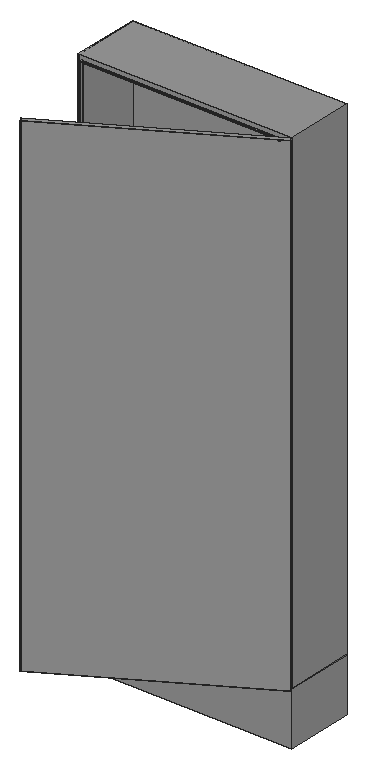
Revit family "Hager-Univers-IP55-D275-H2050-Cl.II-Steel_encl-NoHosted-CH-it", category Electrical Equipment, Revit 2020
Family settings
  Panel Configuration = Two Columns, Circuits Across
  Round Connector Dimension = Use Diameter
  Part Type = Panelboard
  Work Plane-Based = Yes
  Always vertical = Yes
  Cut with Voids When Loaded = No
  Shared = No
  Room Calculation Point = No
Parameters (values of type "montaggio a pavimento IP55 L800 A2050 P275  - FR23S2")
  Width Control [instance] = if([EF000008 - Larghezza] > Min Width, [EF000008 - Larghezza], Min Width)  # 800 mm
  Type Comments = [HG000003 - Gamma]  # "Univers"
  Thickness Door [instance] = if([EF009171 - spessore materiale porta/coperchio] > 3 mm, 3 mm, [EF009171 - spessore materiale porta/coperchio])  # 1.5 mm
  Seal Frame Offset [instance] = 17 mm  # constant formula
  Plinth Visibility [instance] = [HG000027 - Altezza dello zoccolo] > 0 mm  # yes
  Min Width [instance] = 100 mm  # constant formula
  Min Depth [instance] = (2 * [EF009170 - spessore materiale scatola]) + 1 mm  # 4 mm
  Min Height [instance] = 100 mm  # constant formula
  Internal Frame Depth [instance] = (Door System Depth * 0.5)  # 9 mm
  Panel Name [instance] = ""  # (empty or 0)
  Model = ""
  HG000027 - Altezza dello zoccolo = 200 mm
  HG000026 - A pavimento = yes
  HG000024 - Altezza della sezione inferiore = 600 mm
  HG000023 - Custodia a doppia sezione = no
  HG000016 - Visibilità delle porte nella vista 3D [instance] = yes
  HG000015 - Visibilità attraverso la porta [instance] = no
  HG000014 - Porta destra [instance] = yes
  HG000013 - Porta sinistra [instance] = not([HG000014 - Porta destra])  # no
  HG000012 - Angolo di apertura della porta [instance] = 30.00°
  HG000010 - Porte asimmetriche = no
  HG000009 - Porta doppia a battente = no
  HG000006 - Ad incasso = no
  HG000004 - Codice produttore = "FR23S2"
  HG000003 - Gamma = "Univers"
  HG000002 - Con porta = yes
  Frame Offset Bottom [instance] = 10 mm  # constant formula
  Frame Offset [instance] = 15 mm  # constant formula
  EF015940 - Coprire con rilascio di sovrapressione = no
  EF011959 - tipo di protezione (NEMA) = ""
  EF009554 - numero delle aperture per la piastra della flangia = 6
  EF009212 - esecuzione coperchio = "EV000116 - chiuso"
  EF009171 - spessore materiale porta/coperchio = 1.5 mm
  EF009170 - spessore materiale scatola = 1.5 mm
  EF008873 - corrente nominale (In) = 800 A
  EF007800 - adatto per parafulmine = no
  EF006306 - con serratura = no
  EF006244 - coperchio/porta trasparente = no
  EF005474 - grado di protezione (IP) = "EV006420 - IP55"
  EF004464 - tipo di porta = "EV002646 - singolo"
  EF004427 - numero di moduli = 432
  EF004293 - resistenza agli urti = "EV008784 - IK10"
  EF003532 - adatto per uso esterno = no
  EF002950 - Numero moduli DIN = 24
  EF001613 - Integrità del circuito = "EV000494 - senza"
  EF001596 - Attacco Lampada = "EV000179 - acciaio"
  EF001131 - profondità interna = 275 mm
  EF001088 - possibilità di applicazione = yes
  EF000437 - numero di ingressi per conduttori = 6
  EF000339 - tipo di copertura = "EV004216 - porta"
  EF000266 - numero di file = 12
  EF000218 - profondità di incasso = 0 mm
  EF000118 - con piastra di montaggio = no
  EF000116 - numero RAL = "7035"
  EF000049 - profondità = 275 mm
  EF000040 - Altezza = 2050 mm
  EF000008 - Larghezza = 800 mm
  EF000007 - colore = "EV000270 - grigio"
  EF000003 - Tipo di montaggio = "EV012274 - montaggio a pavimento"
  Door System Leaf Tolerance [instance] = 1.5 mm  # constant formula
  Door System Depth [instance] = 18 mm  # constant formula
  Door Height [instance] = Height Control - [HG000027 - Altezza dello zoccolo]  # 1850 mm
  Description = ""
  Default Elevation = 1219.2 mm
  Connector Offset [instance] = Height Control / 2  # 1025 mm
  Manufacturer = "Hager"  # constant formula
  Height Control [instance] = if([EF000040 - Altezza] > Min Height, [EF000040 - Altezza], Min Height)  # 2050 mm
  Depth Control [instance] = if([EF000049 - profondità] > Min Depth, [EF000049 - profondità], Min Depth)  # 275 mm
  Bottom Top Plate Trim [instance] = 1.5 mm  # constant formula
  Plinth height Ctrl [instance] = if([HG000027 - Altezza dello zoccolo] > 0 mm, [HG000027 - Altezza dello zoccolo], 12 mm)  # 200 mm
Types (11, lengths in mm): name | Width Control | HG000010 - Porte asimmetriche | HG000009 - Porta doppia a battente | HG000004 - Codice produttore | EF009554 - numero delle aperture per la piastra della flangia | EF006244 - coperchio/porta trasparente | EF004464 - tipo di porta | EF004427 - numero di moduli | EF000437 - numero di ingressi per conduttori | EF000008 - Larghezza
  montaggio a pavimento IP55 L1050 A2050 P275  - FR24L2 | 1050 | yes | yes | "FR24L2" | 8 | yes | "EV003602 - doppio" | 576 | 8 | 1050
  montaggio a pavimento IP55 L1050 A2050 P275  - FR24S2 | 1050 | yes | yes | "FR24S2" | 8 | no | "EV003602 - doppio" | 576 | 8 | 1050
  montaggio a pavimento IP55 L1300 A2050 P275  - FR25L2 | 1300 | yes | yes | "FR25L2" | 10 | yes | "EV003602 - doppio" | 720 | 10 | 1300
  montaggio a pavimento IP55 L1300 A2050 P275  - FR25S2 | 1300 | yes | yes | "FR25S2" | 10 | no | "EV003602 - doppio" | 720 | 10 | 1300
  montaggio a pavimento IP55 L1550 A2050 P275  - FR26L2 | 1550 | yes | yes | "FR26L2" | 12 | yes | "EV003602 - doppio" | 864 | 12 | 1550
  montaggio a pavimento IP55 L1550 A2050 P275  - FR26S2 | 1550 | yes | yes | "FR26S2" | 12 | no | "EV003602 - doppio" | 864 | 12 | 1550
  montaggio a pavimento IP55 L300 A2050 P275  - FR21S2 | 300 | no | no | "FR21S2" | 2 | no | "EV002646 - singolo" | 144 | 2 | 300
  montaggio a pavimento IP55 L550 A2050 P275  - FR22L2 | 550 | no | no | "FR22L2" | 4 | yes | "EV002646 - singolo" | 288 | 4 | 550
  montaggio a pavimento IP55 L550 A2050 P275  - FR22S2 | 550 | no | no | "FR22S2" | 4 | no | "EV002646 - singolo" | 288 | 4 | 550
  montaggio a pavimento IP55 L800 A2050 P275  - FR23L2 | 800 | no | no | "FR23L2" | 6 | yes | "EV002646 - singolo" | 432 | 6 | 800
  montaggio a pavimento IP55 L800 A2050 P275  - FR23S2 | 800 | no | no | "FR23S2" | 6 | no | "EV002646 - singolo" | 432 | 6 | 800
Reference planes
  plane 1 "Center (Front/Back)": y = 0
  plane 2: z = 0
  plane 3 "Center (Left/Right)": x = 0
  plane 4: y = 0
  plane 5: y = 0
  plane 6: z = 0
  plane 7: x = -400
  plane 8: x = 400
  plane 9: x = 398.5
  plane 10: x = -398.5
  plane 11: z = 200
  plane 12: z = 201.5
  plane 13: y = -275
  plane 14: y = -1.5
  plane 15: x = 0
  plane 16: y = -257
  plane 17: y = -273.5
  plane 18: y = -255.5
  plane 19: x = -383.5
  plane 20: x = 383.5
  plane 21: z = 211.5
  plane 22: x = -383
  plane 23: x = 383
  plane 24: z = 200
  plane 25: z = 2050
  plane 26: z = 2050
  plane 27: z = 2033.5
  plane 28: z = 2048.5
Forms (mm)
  Extrusion 1, solid, material "Hager_Steel_RAL7035_Light_Grey", detail levels medium+fine
    sketch origin (-208.679, -4572, 200) x (-1, 0, 0) y (0, -1, 0)
      loop
        line (191.321, -4315) -> (-608.679, -4315) -> (-608.679, -4572) -> (191.321, -4572) -> (191.321, -4315)
    from 0 to 1850
  Extrusion 2, void
    sketch origin (-350.771, -275, 1219.2) x (1, 0, 0) y (0, 0, 1)
      loop
        line (-47.729, 829.3) -> (-47.729, -1017.7) -> (749.271, -1017.7) -> (749.271, 829.3) -> (-47.729, 829.3)
    from -19.5 to -273.5
  Extrusion 3, void
    sketch origin (-290.084, -257, 1219.2) x (1, 0, 0) y (0, 0, 1)
      loop
        line (-93.416, -1007.7) -> (673.584, -1007.7) -> (673.584, 814.3) -> (-93.416, 814.3) -> (-93.416, -1007.7)
    from 0 to -1.5
  Extrusion 4, solid, material "Hager_Steel_RAL7035_Light_Grey", visible <- "Plinth Visibility", detail levels medium+fine
    sketch origin (0, 0, 0) x (1, 0, 0) y (0, 1, 0)
      loop
        line (-400, 0) -> (-400, -257) -> (400, -257) -> (400, 0) -> (-400, 0)
    from 0 to 200 <- "Plinth height Ctrl"
  Extrusion 5, solid, material "Hager_Steel_RAL7035_Light_Grey", detail levels coarse
    sketch origin (0, 0, 0) x (1, 0, 0) y (0, 1, 0)
      loop
        line (-400, 0) -> (-400, -275) -> (400, -275) -> (400, 0) -> (-400, 0)
    from 0 to 2050 <- "Height Control"
  Sweep 6, void
    path in 3D
      loop
        line (-400, -257, 200) -> (400, -257, 200) -> (400, 0, 200) -> (-400, 0, 200) -> (-400, -257, 200)
    profile origin (-400, -128.5, 200) x (1, 0, 0) y (0, 0, 1)
      loop
        line (0, 0) -> (0, -1.5) -> (1.5, -1.5)
        arc (1.5, -1.5) -> (1.061, -0.439) -> (0, 0) r 1.5
  Extrusion 7, solid, material "Hager_Steel_RAL7035_Light_Grey", detail levels fine
    sketch origin (-400, -257, 200) x (1, 0, 0) y (0, 0, 1)
      loop
        line (16.5, 11.5) -> (783.5, 11.5) -> (783.5, 1833.5) -> (16.5, 1833.5) -> (16.5, 11.5)
      loop
        line (15, 10) -> (785, 10) -> (785, 1835) -> (15, 1835) -> (15, 10)
    from 0 to 9 <- "Internal Frame Depth"
Cuts and joins
  Extrusion 2, Extrusion 3 cuts Extrusion 1
  Sweep 6 cuts Extrusion 4
Lines and regions (mm)
  Masking region 1
    outline origin (0, 0, 0) x (1, 0, 0) y (0, 1, 0)
      loop
        line (-400, 0) -> (-400, -275) -> (400, -275) -> (400, 0) -> (-400, 0)
  Masking region 2, detail levels coarse
    outline origin (-290.084, -257, 1219.2) x (-1, 0, 0) y (0, 0, 1)
      loop
        line (-690.084, -1219.2) -> (109.916, -1219.2) -> (109.916, 830.8) -> (-690.084, 830.8) -> (-690.084, -1219.2)
  Masking region 3, detail levels coarse
    outline origin (0, 0, 0) x (0, 1, 0) y (0, 0, 1)
      loop
        line (0, 0) -> (0, 2050) -> (-275, 2050) -> (-275, 0) -> (0, 0)
  Masking region 4, visible <- "Plinth Visibility", detail levels medium+fine
    outline origin (0, 0, 0) x (0, 1, 0) y (0, 0, 1)
      loop
        line (-1.5, 200) -> (-255.5, 200)
        arc (-255.5, 200) -> (-255.939, 198.939) -> (-257, 198.5) r 1.5
        line (-257, 198.5) -> (-257, 0) -> (0, 0) -> (0, 198.5)
        arc (0, 198.5) -> (-1.061, 198.939) -> (-1.5, 200) r 1.5
  Masking region 5, detail levels medium+fine
    outline origin (0, 0, 594.038) x (0, 1, 0) y (0, 0, 1)
      loop
        line (0, -394.038) -> (0, 1455.962) -> (-257, 1455.962) -> (-257, -394.038) -> (0, -394.038)
  Masking region 6, detail levels medium+fine
    outline origin (-359.7, -257, 1211.883) x (-1, 0, 0) y (0, 0, 1)
      loop
        line (-759.7, -1011.883) -> (40.3, -1011.883) -> (40.3, 838.117) -> (-759.7, 838.117) -> (-759.7, -1011.883)
  Masking region 7, visible <- "Plinth Visibility", detail levels medium+fine
    outline origin (-320.334, -257, 1041.368) x (-1, 0, 0) y (0, 0, 1)
      loop
        line (-720.334, -1041.368) -> (79.666, -1041.368) -> (79.666, -842.868)
        arc (79.666, -842.868) -> (78.606, -842.429) -> (78.166, -841.368) r 1.5
        line (78.166, -841.368) -> (-718.834, -841.368)
        arc (-718.834, -841.368) -> (-719.273, -842.429) -> (-720.334, -842.868) r 1.5
        line (-720.334, -842.868) -> (-720.334, -1041.368)
  sketch lines
    curve 1: line (-400, 0, 200) -> (-400, -257, 200)
    curve 2: line (-400, -257, 200) -> (400, -257, 200)
    curve 3: line (400, 0, 200) -> (-400, 0, 200)
    curve 4: line (400, -257, 200) -> (400, 0, 200)
Dimensions and locks
  locked: plane 1 "Center (Front/Back)" to plane 5
  "EF009170 - spessore materiale scatola": plane 7 to plane 10
  "EF009170 - spessore materiale scatola": plane 8 to plane 9
  equal spacing: plane 7, plane 3 "Center (Left/Right)", plane 8
  "Width Control": plane 7 to plane 8
  "Depth Control": plane 4 to plane 13
  "EF009170 - spessore materiale scatola": plane 4 to plane 14
  "Height Control": plane 25 to level
  "HG000027 - Altezza dello zoccolo": plane 11 to level
  "EF009170 - spessore materiale scatola": plane 12 to plane 11
  "EF009170 - spessore materiale scatola": plane 17 to plane 13
  "EF009170 - spessore materiale scatola": plane 18 to plane 16
  "Frame Offset Bottom": plane 21 to plane 12
  "Frame Offset": plane 10 to plane 19
  "Frame Offset": plane 9 to plane 20
  "Door System Depth": plane 16 to plane 13
  "Seal Frame Offset": plane 7 to plane 22
  "Seal Frame Offset": plane 8 to plane 23
  "EF009170 - spessore materiale scatola": plane 26 to plane 28
  "Frame Offset": plane 28 to plane 27
  "Connector Offset": plane 2 to connector elem
  "Bottom Top Plate Trim": profile plane to Sweep 6 sketch curve
  "Bottom Top Plate Trim": Sweep 6 sketch curve to Sweep 6 sketch curve
  "Plinth height Ctrl": Masking region 4 sketch curve to level
  "Plinth height Ctrl": Masking region 7 sketch curve to level
  "Thickness Door": Extrusion 7 sketch curve to Extrusion 7 sketch curve  (x4)
  "Bottom Top Plate Trim": radius of Sweep 6 sketch curve
  "Bottom Top Plate Trim": radius of Masking region 4 sketch curve  (x2)
  "Bottom Top Plate Trim": radius of Masking region 7 sketch curve  (x2)
  aligned and locked: Extrusion 2 sketch curve to plane 12
  aligned and locked: Extrusion 2 sketch curve to plane 9
  aligned and locked: Extrusion 2 sketch curve to plane 10
  aligned and locked: Extrusion 2 to plane 14
  aligned and locked: Extrusion 1 sketch curve to plane 4
  aligned and locked: plane 8 to Extrusion 1 sketch curve
  aligned and locked: plane 7 to Extrusion 1 sketch curve
  aligned and locked: Extrusion 2 to plane 18
  aligned and locked: Extrusion 3 sketch curve to plane 19
  aligned and locked: plane 20 to Extrusion 3 sketch curve
  aligned and locked: Extrusion 3 to Extrusion 2
  aligned and locked: Extrusion 3 sketch curve to plane 21
  aligned and locked: plane 3 "Center (Left/Right)" to nested 1
  aligned and locked: Extrusion 1 sketch curve to plane 16
  aligned and locked: Extrusion 4 sketch curve to cut or joined group of Extrusion 1, Extrusion 2, Extrusion 3
  aligned and locked: Masking region 1 sketch curve to plane 7
  aligned and locked: Masking region 1 sketch curve to plane 5
  aligned and locked: Masking region 1 sketch curve to plane 8
  aligned and locked: Masking region 2 sketch curve to level
  aligned and locked: level to Masking region 3 sketch curve
  aligned and locked: plane 1 "Center (Front/Back)" to Masking region 3 sketch curve
  aligned and locked: plane 13 to Masking region 3 sketch curve
  aligned and locked: plane 5 to Masking region 4 sketch curve
  aligned and locked: Masking region 2 sketch curve to plane 8
  aligned and locked: Masking region 2 sketch curve to plane 7
  aligned and locked: plane 7 to nested 2
  aligned and locked: nested 2 to plane 5
  aligned and locked: plane 5 to Masking region 5 sketch curve
  aligned and locked: plane 26 to Masking region 5 sketch curve
  aligned and locked: Extrusion 5 sketch curve to plane 8
  aligned and locked: Extrusion 5 sketch curve to plane 7
  aligned and locked: Extrusion 5 sketch curve to plane 5
  aligned and locked: Extrusion 3 sketch curve to plane 27
  aligned and locked: Extrusion 2 sketch curve to plane 28
  aligned and locked: Masking region 2 to plane 25
  aligned and locked: Extrusion 4 to plane 16
  aligned and locked: profile plane to Sweep 6 sketch curve
  aligned and locked: Masking region 5 sketch curve to plane 24
  aligned and locked: level to Masking region 4 sketch curve
  aligned and locked: Masking region 1 to plane 13
  aligned and locked: nested 1 to plane 16
  aligned and locked: Masking region 3 to plane 25
  aligned and locked: plane 16 to Masking region 4 sketch curve
  aligned and locked: Masking region 5 sketch curve to plane 16
  aligned and locked: plane 24 to plane 11
  aligned and locked: plane 26 to plane 25
  aligned and locked: plane 26 to cut or joined group of Extrusion 1, Extrusion 2, Extrusion 3
  aligned and locked: nested 1 to plane 24
  aligned and locked: Extrusion 1 to Extrusion 3
  aligned and locked: Masking region 6 sketch curve to plane 8
  aligned and locked: Masking region 6 sketch curve to plane 24
  aligned and locked: Masking region 6 sketch curve to plane 7
  aligned and locked: Masking region 6 sketch curve to plane 26
  aligned and locked: Masking region 7 sketch curve to plane 7
  aligned and locked: level to Masking region 7 sketch curve
  aligned and locked: Masking region 7 sketch curve to plane 8
  aligned and locked: Extrusion 7 sketch curve to cut or joined group of Extrusion 1, Extrusion 2, Extrusion 3  (x4)
Automatic sketch dimensions
  plane 19 to Extrusion 3 sketch curve = 0 mm
  Extrusion 3 sketch curve to plane 20 = 0 mm
  Extrusion 3 sketch curve to plane 21 = 0 mm
  Extrusion 4 sketch curve to plane 7 = 0 mm
  Extrusion 4 sketch curve to plane 8 = 0 mm
  Extrusion 4 sketch curve to plane 16 = 0 mm
  Masking region 1 sketch curve to plane 13 = 0 mm
  Masking region 2 sketch curve to plane 25 = 0 mm
  Masking region 3 sketch curve to plane 25 = 0 mm
  Extrusion 5 sketch curve to plane 13 = 0 mm
  profile plane to Sweep 6 sketch curve = 0 mm
Nested families
  nested 1: "EC000058_Univers_Door" at (0, -257, 200), Double <- "HG000009 - Porta doppia a battente", Transparent <- "EF006244 - coperchio/porta trasparente", Angle <- "HG000012 - Angolo di apertura della porta", Door_Right <- "HG000014 - Porta destra", Assymetrical <- "HG000010 - Porte asimmetriche", Door <- "HG000002 - Con porta", Width_Ctrl <- "Width Control", 3d_Door <- "HG000016 - Visibilità delle porte nella vista 3D", Clearance <- "HG000015 - Visibilità attraverso la porta", Door_Left <- "HG000013 - Porta sinistra", Width <- "Width Control", Door_Depth <- "Door System Depth", Leaf_Tolerance <- "Door System Leaf Tolerance", Height <- "Door Height", Lock_Visibility <- "EF006306 - con serratura", Thickness <- "Thickness Door", type "EC000058_Univers_Door", detail levels medium+fine
    with min_wh 4 mm, Width_Ctrl 800 mm, Width 800 mm, Transparent no, Thickness 1.5 mm, Seal_Material Hager_Rubber, Lock_Visibility no, Lock_Material Hager_Plastic_RAL9005_Jet_Black, Leaf_Width 800 mm, Leaf_Tolerance_External_Sides 0 mm, Leaf_Tolerance 1.5 mm, Leaf_Offset 0 mm, Leaf_Height 1847 mm, Leaf_2_Width 800 mm, Leaf_2_Offset 400 mm, Leaf_1_Width 800 mm, Leaf_1_Offset 400 mm, Height_Ctrl 1850 mm, Height 1850 mm, Glass_Material Hager_Glass, Double_Clearance_Ctrl no, Double no, Door_Right_Ctrl yes, Door_Right yes, Door_Material Hager_Steel_RAL7035_Light_Grey, Door_Left_Ctrl no, Door_Left no, Door_Depth 18 mm, Door yes, Clearance_Material Hager_Clearance, Clearance_Depth 800 mm, Clearance_Ctrl no, Clearance no, Assymetrical no, Angle 30.00°, 3d_Door yes
  nested 2: "Hager_Enclosure_Symbol" at (-400, 0, 0), Height <- "Depth Control", Width <- "Width Control", type "Hager_Enclosure_Symbol"
    with Width_Ctrl 800 mm, Width 800 mm, Height_Ctrl 275 mm, Height 275 mm, A_Width_Int 18.047 mm, A_Width 216.562 mm, A_Height_Ctrl 240.625 mm, A_Height 240.625 mm
Connectors
  electrical at (0, 0, 1025)
    settings: on plane 1 "Center (Front/Back)", index 1, voltage 0 V, apparent load 0 VA, apparent load phase1 0 VA, apparent load phase2 0 VA, apparent load phase3 0 VA, power factor 1, load classification "Other", number of poles 1, system type 30, power factor state 1, is connector primary yes, connector utility no, sub classification motor no, connector description ""
Definition of nested family "EC000058_Univers_Door"
  Parameters (values of type "EC000058_Univers_Door")
    min_wh [instance] = (2 * Thickness) + 1 mm  # 11 mm
    Width_Ctrl [instance] = 400 mm
    Width [instance] = 500 mm
    Transparent [instance] = yes
    Thickness [instance] = 5 mm
    Seal_Material [instance] = none
    Lock_Visibility [instance] = yes
    Lock_Material [instance] = none
    Leaf_Width [instance] = if((Width_Ctrl - 2 * Leaf_Tolerance_External_Sides) > 0 mm, (Width_Ctrl - 2 * Leaf_Tolerance_External_Sides), min_wh)  # 400 mm
    Leaf_Tolerance_External_Sides [instance] = 0 mm  # constant formula
    Leaf_Tolerance [instance] = 1.5 mm
    Leaf_Offset [instance] = 0 mm  # constant formula
    Leaf_Height [instance] = if((Height_Ctrl - 2 * Leaf_Tolerance) > 0 mm, (Height_Ctrl - 2 * Leaf_Tolerance), min_wh)  # 497 mm
    Leaf_2_Width [instance] = if(and(and(Double, Assymetrical), Door_Left), (Leaf_Width / 3) - (Leaf_Tolerance / 2), if(and(and(Double, Assymetrical), Door_Right), (Leaf_Width / 3) * 2 - (Leaf_Tolerance / 2), if(and(Double, not(Assymetrical)), (Leaf_Width / 2) - Leaf_Tolerance, Leaf_Width)))  # 400 mm
    Leaf_2_Offset [instance] = if(and(Double, Assymetrical), Leaf_2_Width / 2, if(and(Double, not(Assymetrical)), Leaf_Width / 4, Leaf_Width / 2))  # 200 mm
    Leaf_1_Width [instance] = if(and(and(Double, Assymetrical), Door_Right), (Leaf_Width / 3) - (Leaf_Tolerance / 2), if(and(and(Double, Assymetrical), Door_Left), (Width / 3) * 2 - (Leaf_Tolerance / 2), if(and(Double, not(Assymetrical)), (Leaf_Width / 2) - Leaf_Tolerance, Leaf_Width)))  # 400 mm
    Leaf_1_Offset [instance] = if(and(Double, Assymetrical), Leaf_1_Width / 2, if(and(Double, not(Assymetrical)), Leaf_Width / 4, Leaf_Width / 2))  # 200 mm
    Height_Ctrl [instance] = if(Height > min_wh, Height, min_wh)  # 500 mm
    Height [instance] = 500 mm
    Glass_Material [instance] = none
    Double_Clearance_Ctrl [instance] = and(Double, Clearance)  # no
    Double [instance] = no
    Door_Right_Ctrl [instance] = and(or(Door_Right, Double), Door)  # yes
    Door_Right [instance] = yes
    Door_Material [instance] = none
    Door_Left_Ctrl [instance] = and(or(Door_Left, Double), Door)  # no
    Door_Left [instance] = no
    Door_Depth [instance] = 30 mm
    Door [instance] = yes
    Default Elevation = 1219.2 mm
    Clearance_Material [instance] = none
    Clearance_Depth [instance] = if(Leaf_1_Width > Leaf_2_Width, Leaf_1_Width, Leaf_2_Width)  # 400 mm
    Clearance_Ctrl [instance] = and(not(Double), Clearance)  # yes
    Clearance [instance] = yes
    Assymetrical [instance] = yes
    Angle [instance] = 30.00°
    3d_Door [instance] = yes
  Reference planes
    plane 1 "Center (Front/Back)": y = 0
    plane 2 "Bottom": z = 0
    plane 3 "Center (Left/Right)": x = 0
    plane 4: z = 500
    plane 5: x = -200
    plane 6: x = 200
    plane 7: z = 500
    plane 8: x = -200
    plane 9: z = 0
    plane 10: x = 200
    plane 11: y = 0
    plane 12: z = 1.5
    plane 13: x = -600
    plane 14: y = -400
    plane 15: x = 600
    plane 16: x = 0
    plane 17: x = 0
    plane 18: x = -200
    plane 19: x = 200
    plane 20: z = 498.5
  Forms (mm)
    Extrusion 1, solid, material <- "Clearance_Material", visible <- "Double_Clearance_Ctrl"
      sketch origin (1200, 0, 0) x (1, 0, 0) y (0, 0, -1)
        loop
          line (-1800, -498.5) -> (-600, -498.5) -> (-600, 0) -> (-1800, 0) -> (-1800, -498.5)
      from 0 to -400
  Dimensions and locks
    equal spacing: plane 5, plane 3 "Center (Left/Right)", plane 6
    "Width_Ctrl": plane 5 to plane 6
    "Leaf_Offset": plane 5 to plane 8
    "Leaf_Offset": plane 6 to plane 10
    "Leaf_Offset": plane 9 to level
    "Leaf_Offset": plane 4 to plane 7
    "Height_Ctrl": plane 4 to level
    "Leaf_Tolerance": plane 12 to plane 9
    locked: plane 11 to plane 1 "Center (Front/Back)"
    "Leaf_1_Offset": plane 18 to plane 16
    "Leaf_2_Offset": plane 17 to plane 19
    "Leaf_1_Width": plane 13 to plane 8
    "Leaf_2_Width": plane 10 to plane 15
    "Clearance_Depth": plane 14 to plane 1 "Center (Front/Back)"
    "Leaf_Tolerance_External_Sides": plane 8 to plane 18
    "Leaf_Tolerance_External_Sides": plane 19 to plane 10
    "Leaf_Tolerance": plane 7 to plane 20
    aligned and locked: level to plane 2 "Bottom"
    aligned and locked: nested 1 to plane 16
    aligned and locked: nested 2 to plane 17
    aligned and locked: Extrusion 1 to plane 13
    aligned and locked: plane 15 to Extrusion 1
    aligned and locked: Extrusion 1 to plane 14
    aligned and locked: plane 12 to nested 1
    aligned and locked: nested 2 to plane 12
    aligned and locked: Extrusion 1 to plane 11
    aligned and locked: plane 20 to Extrusion 1
    aligned and locked: nested 2 to plane 11
    aligned and locked: nested 1 to plane 11
  Automatic sketch dimensions
    Extrusion 1 sketch curve to level = 0 mm
    plane 5 to Extrusion 1 sketch curve = 400 mm
    plane 6 to Extrusion 1 sketch curve = 400 mm
    Extrusion 1 sketch curve to plane 4 = 1.5 mm
  Nested families
    nested 1: "EC000058_Univers_Door_Leaf" at (0, 0, 1.5), Width <- "Leaf_1_Width", visible <- "Door_Left_Ctrl", Leaf_Height <- "Leaf_Height", Angle <- "Angle", 3d_Door <- "3d_Door", Transparent <- "Transparent", Clearance Material <- "Clearance_Material", Clearance <- "Clearance_Ctrl", Door_Material <- "Door_Material", Glass_Material <- "Glass_Material", Door_Depth <- "Door_Depth", Lock_Material <- "Lock_Material", Seal_Material <- "Seal_Material", Lock_Visibility <- "Lock_Visibility", Thickness <- "Thickness", type "EC000058_Univers_Door_Leaf"
      with Width 400 mm, Transparent_Glass_Offset 30 mm, Transparent_Ctrl yes, Transparent yes, Thickness 5 mm, Standard no, Seal_Material none, Seal_D2 8 mm, Seal_D1 1 mm, Offset_Internal_Frame 10 mm, Lock_Width 20 mm, Lock_Visibility_3d yes, Lock_Visibility yes, Lock_Thickness_3 3 mm, Lock_Thickness_2 1 mm, Lock_Thickness_1 3 mm, Lock_Radius_Offset_2 16 mm, Lock_Radius_Offset_1 15 mm, Lock_Radius_2 5 mm, Lock_Radius 6 mm, Lock_Offset 5 mm, Lock_Material none, Lock_Height 80 mm, Lock_Cover_Top_Offset_2d 17 mm, Lock_Cover_Height -65 mm, Leaf_Height 497 mm, Internal_Seal_Thickness 8 mm, Internal_Seal_Depth_2 4.5 mm, Internal_Frame_Depth 25 mm, Glass_Thickness -1 mm, Glass_Offset -2 mm, Glass_Material none, Door_Material none, Door_Depth 30 mm, Clearance Material none, Clearance yes, Angle_Ctrl 30.00°, Angle 30.00°, 3d_Door yes
    nested 2: "EC000058_Univers_Door_Leaf" at (0, 0, 1.5) x (-1, 0, 0) z (0, 0, 1), Width <- "Leaf_2_Width", visible <- "Door_Right_Ctrl", Leaf_Height <- "Leaf_Height", Angle <- "Angle", 3d_Door <- "3d_Door", Transparent <- "Transparent", Clearance Material <- "Clearance_Material", Clearance <- "Clearance_Ctrl", Door_Material <- "Door_Material", Glass_Material <- "Glass_Material", Door_Depth <- "Door_Depth", Lock_Material <- "Lock_Material", Seal_Material <- "Seal_Material", Lock_Visibility <- "Lock_Visibility", Thickness <- "Thickness", type "EC000058_Univers_Door_Leaf"
      with Width 400 mm, Transparent_Glass_Offset 30 mm, Transparent_Ctrl yes, Transparent yes, Thickness 5 mm, Standard no, Seal_Material none, Seal_D2 8 mm, Seal_D1 1 mm, Offset_Internal_Frame 10 mm, Lock_Width 20 mm, Lock_Visibility_3d yes, Lock_Visibility yes, Lock_Thickness_3 3 mm, Lock_Thickness_2 1 mm, Lock_Thickness_1 3 mm, Lock_Radius_Offset_2 16 mm, Lock_Radius_Offset_1 15 mm, Lock_Radius_2 5 mm, Lock_Radius 6 mm, Lock_Offset 5 mm, Lock_Material none, Lock_Height 80 mm, Lock_Cover_Top_Offset_2d 17 mm, Lock_Cover_Height -65 mm, Leaf_Height 497 mm, Internal_Seal_Thickness 8 mm, Internal_Seal_Depth_2 4.5 mm, Internal_Frame_Depth 25 mm, Glass_Thickness -1 mm, Glass_Offset -2 mm, Glass_Material none, Door_Material none, Door_Depth 30 mm, Clearance Material none, Clearance yes, Angle_Ctrl 30.00°, Angle 30.00°, 3d_Door yes
  Definition of nested family "EC000058_Univers_Door_Leaf"
    Parameters (values of type "EC000058_Univers_Door_Leaf")
      Width [instance] = 2000 mm
      Transparent_Glass_Offset [instance] = 30 mm
      Transparent_Ctrl [instance] = and(Transparent, [3d_Door])  # yes
      Transparent [instance] = yes
      Thickness [instance] = 5 mm
      Standard [instance] = and(not(Transparent), [3d_Door])  # no
      Seal_Material [instance] = none
      Seal_D2 [instance] = 8 mm  # constant formula
      Seal_D1 [instance] = 1 mm  # constant formula
      Offset_Internal_Frame [instance] = 10 mm  # constant formula
      Lock_Width [instance] = 20 mm  # constant formula
      Lock_Visibility_3d [instance] = and(Lock_Visibility, [3d_Door])  # yes
      Lock_Visibility [instance] = yes
      Lock_Thickness_3 [instance] = 3 mm  # constant formula
      Lock_Thickness_2 [instance] = 1 mm  # constant formula
      Lock_Thickness_1 [instance] = 3 mm  # constant formula
      Lock_Radius_Offset_2 [instance] = Lock_Radius_Offset_1 + 1 mm  # 16 mm
      Lock_Radius_Offset_1 [instance] = 15 mm  # constant formula
      Lock_Radius_2 [instance] = Lock_Radius - 1 mm  # 5 mm
      Lock_Radius [instance] = 6 mm  # constant formula
      Lock_Offset [instance] = 5 mm  # constant formula
      Lock_Material [instance] = none
      Lock_Height [instance] = 80 mm  # constant formula
      Lock_Cover_Top_Offset_2d [instance] = Lock_Radius_Offset_2 + 1 mm  # 17 mm
      Lock_Cover_Height [instance] = -(Lock_Height - Lock_Radius_Offset_1)  # -65 mm
      Leaf_Height [instance] = 2720.336 mm
      Internal_Seal_Thickness [instance] = 8 mm  # constant formula
      Internal_Seal_Depth_2 [instance] = 4.5 mm  # constant formula
      Internal_Frame_Depth [instance] = if(Door_Depth - Thickness > 5 mm, Door_Depth - Thickness, 5 mm)  # 25 mm
      Glass_Thickness [instance] = if(Thickness > 15 mm, Glass_Offset + 10 mm, -1 mm)  # -1 mm
      Glass_Offset [instance] = if(Thickness > 15 mm, -(Thickness + 10 mm) / 2, -2 mm)  # -2 mm
      Glass_Material [instance] = none
      Door_Material [instance] = none
      Door_Depth [instance] = 30 mm
      Default Elevation = 0 mm
      Clearance Material [instance] = none
      Clearance [instance] = yes
      Angle_Ctrl [instance] = if(Angle > 180.00°, 180.00°, Angle)  # 90.00°
      Angle [instance] = 90.00°
      3d_Door [instance] = yes
    Reference planes
      plane 1 "Center (Front/Back)": y = 0
      plane 2: z = 0
      plane 3 "Center (Left/Right)": x = 0
      plane 4: y = 2000
      plane 5: x = -1000
      plane 6: x = 1000
      plane 7: x = -3000
      plane 8: z = 2720.336
      plane 9: z = 30
      plane 10: z = 2690.336
      plane 11: x = 970
      plane 12: x = -970
      plane 13: y = -3
      plane 14: z = 107.833
      plane 15: y = -5
      plane 16: y = -223.314
      plane 17: x = -1000
      plane 18: z = 1360.168
      plane 19: y = 30
    Forms (mm)
      Extrusion 1, solid, material <- "Clearance Material", visible <- "Clearance"
        sketch origin (0, 0, 0) x (1, 0, 0) y (0, 0, 1)
          loop
            line (-3000, 2720.336) -> (-3000, 0) -> (1000, 0) -> (1000, 2720.336) -> (-3000, 2720.336)
        from 0 to -2000
      Extrusion 2, solid, material <- "Door_Material", visible <- "Standard", detail levels medium+fine
        sketch origin (-1000, 0, 0) x (0, 1, 0) y (-1, 0, 0)
          loop
            line (0, 30) -> (0, 25) -> (2000, 25) -> (2000, 30) -> (0, 30)
        from 0 to 2720.336 <- "Leaf_Height"
      Extrusion 3, solid, material <- "Door_Material", visible <- "Transparent_Ctrl", detail levels medium+fine
        sketch origin (-1000, 0, 0) x (0, 1, 0) y (-1, 0, 0)
          loop
            line (0, 25) -> (2000, 25) -> (2000, 30) -> (0, 30) -> (0, 25)
        from 0 to 2720.336 <- "Leaf_Height"
      Extrusion 4, void
        sketch origin (-1025, 2000, 0) x (0, 1, 0) y (0, 0, -1)
          loop
            line (-30, -2690.336) -> (-30, -30) -> (-1970, -30) -> (-1970, -2690.336) -> (-30, -2690.336)
        from 0 to 5 <- "Thickness"
      Sweep 5, solid, material <- "Seal_Material", visible <- "Transparent_Ctrl", detail levels fine
        path in 3D
          loop
            line (-1025, 30, 30) -> (-1025, 30, 2690.336) -> (-1025, 1970, 2690.336) -> (-1025, 1970, 30) -> (-1025, 30, 30)
        profile origin (-1025, 1000, 30) x (1, 0, 0) y (0, 0, 1)
          loop
            line (0, 0) -> (0, -8) -> (1, -8) -> (1, 0) -> (0, 0)
      Extrusion 6, solid, material <- "Glass_Material", visible <- "Transparent_Ctrl", detail levels medium+fine
        sketch origin (-1030, 0, 0) x (0, 1, 0) y (0, 0, -1)
          loop
            line (1970, -2690.336) -> (1970, -30) -> (30, -30) -> (30, -2690.336) -> (1970, -2690.336)
        from -2 <- "Glass_Offset" to -1 <- "Glass_Thickness"
      Extrusion 7, solid, material <- "Door_Material", visible <- "3d_Door", detail levels medium+fine
        sketch origin (-1025, 2000, 0) x (0, -1, 0) y (0, 0, -1)
          loop
            line (0, -2720.336) -> (2000, -2720.336) -> (2000, 0) -> (0, 0) -> (0, -2720.336)
          loop
            line (1995, -5) -> (5, -5) -> (5, -2715.336) -> (1995, -2715.336) -> (1995, -5)
        from 0 to 25 <- "Internal_Frame_Depth"
      Sweep 8, solid, material <- "Seal_Material", visible <- "Transparent_Ctrl", detail levels fine
        path in 3D
          loop
            line (-1025, 0, 0) -> (-1025, 2000, 0) -> (-1025, 2000, 2720.336) -> (-1025, 0, 2720.336) -> (-1025, 0, 0)
        profile origin (-1025, 0, 1360.168) x (1, 0, 0) y (0, 1, 0)
          loop
            line (0, 10) -> (2.975, 10)
            arc (2.975, 10) -> (4.053, 10.447) -> (4.5, 11.525) r 1.525
            line (4.5, 11.525) -> (4.5, 16.527)
            arc (4.5, 16.527) -> (4.069, 17.569) -> (3.027, 18) r 1.473
            line (3.027, 18) -> (0, 18) -> (0, 10)
      Extrusion 9, solid, material <- "Lock_Material", visible <- "Lock_Visibility_3d", detail levels fine
        sketch origin (-1030, 0, 0) x (0, 1, 0) y (0, 0, -1)
          loop
            arc (1993.5, -1400.168) -> (1994.561, -1399.729) -> (1995, -1398.668) r 1.5
            line (1995, -1398.668) -> (1995, -1320.168) -> (1975, -1320.168) -> (1975, -1398.668)
            arc (1975, -1398.668) -> (1975.439, -1399.729) -> (1976.5, -1400.168) r 1.5
            line (1976.5, -1400.168) -> (1993.5, -1400.168)
        from 3 <- "Lock_Thickness_1" to 0
      Blend 10, solid, material <- "Lock_Material", visible <- "Lock_Visibility_3d", detail levels fine
        base sketch origin (-1033, 0, 0) x (0, 1, 0) y (0, 0, -1)
          loop
            line (1975, -1320.168) -> (1975, -1398.668)
            arc (1975, -1398.668) -> (1975.439, -1399.729) -> (1976.5, -1400.168) r 1.5
            line (1976.5, -1400.168) -> (1993.5, -1400.168)
            arc (1993.5, -1400.168) -> (1994.561, -1399.729) -> (1995, -1398.668) r 1.5
            line (1995, -1398.668) -> (1995, -1320.168) -> (1975, -1320.168)
        top sketch origin (-1033, 0, 0) x (0, 1, 0) y (0, 0, -1)
          loop
            line (1976, -1320.168) -> (1976, -1398.668)
            arc (1976, -1398.668) -> (1976.146, -1399.022) -> (1976.5, -1399.168) r 0.5
            line (1976.5, -1399.168) -> (1993.5, -1399.168)
            arc (1993.5, -1399.168) -> (1993.854, -1399.022) -> (1994, -1398.668) r 0.5
            line (1994, -1398.668) -> (1994, -1320.168) -> (1976, -1320.168)
        from 0 to 1 <- "Lock_Thickness_2"
      Blend 11, solid, material <- "Lock_Material", visible <- "Lock_Visibility_3d", detail levels fine
        base sketch origin (-1034, 0, 0) x (0, 1, 0) y (0, 0, -1)
          loop
            line (1978, -1320.168) -> (1978, -1384.168)
            arc (1978, -1384.168) -> (1985, -1391.168) -> (1992, -1384.168) r 7
            line (1992, -1384.168) -> (1992, -1320.168) -> (1978, -1320.168)
        top sketch origin (-1034, 0, 0) x (0, 1, 0) y (0, 0, -1)
          loop
            line (1991, -1320.168) -> (1979, -1320.168) -> (1979, -1383.168)
            arc (1979, -1383.168) -> (1985, -1389.168) -> (1991, -1383.168) r 6
            line (1991, -1383.168) -> (1991, -1320.168)
        from 0 to 3 <- "Lock_Thickness_3"
      Extrusion 12, solid, material <- "Lock_Material", visible <- "Lock_Visibility_3d", detail levels fine
        sketch origin (-1030, 1975, 1320.168) x (1, 0, 0) y (0, -1, 0)
          loop
            line (-7, -19) -> (-7, -1) -> (0, -1) -> (0, 0) -> (-8, 0) -> (-8, -20) -> (0, -20) -> (0, -19) -> (-7, -19)
        from 0 to -65 <- "Lock_Cover_Height"
      Extrusion 13, void
        sketch origin (-1038, 1995, 1320.168) x (-1, 0, 0) y (0, 0, -1)
          loop
            line (-5, -65) -> (0, -65) -> (-5, -60) -> (-5, -65)
        from 0 to 20 <- "Lock_Width"
      Extrusion 14, void
        sketch origin (-1038, 1975, 1320.168) x (0, -1, 0) y (0, 0, -1)
          loop
            circle (-10, -15.995) r 6
          loop
            circle (-10, -15.995) r 5
        from 0 to 2
      Extrusion 15, solid, material <- "Lock_Material", visible <- "Lock_Visibility_3d", detail levels medium
        sketch origin (-1030, 0, 0) x (0, 1, 0) y (0, 0, -1)
          loop
            arc (1993.5, -1400.168) -> (1994.561, -1399.729) -> (1995, -1398.668) r 1.5
            line (1995, -1398.668) -> (1995, -1320.168) -> (1975, -1320.168) -> (1975, -1398.668)
            arc (1975, -1398.668) -> (1975.439, -1399.729) -> (1976.5, -1400.168) r 1.5
            line (1976.5, -1400.168) -> (1993.5, -1400.168)
        from 8 to 0
    Cuts and joins
      Extrusion 4 cuts Extrusion 3
      Extrusion 13, Extrusion 14 cuts Extrusion 9
      Extrusion 14 cuts Blend 11
      Extrusion 13, Extrusion 14 cuts Extrusion 12
      joined: Extrusion 9, Blend 10, Blend 11, Extrusion 12
      Extrusion 14 cuts Extrusion 15
    Lines and regions (mm)
      Masking region 1, visible <- "Lock_Visibility", detail levels fine
        outline origin (0, 0, 0) x (0, 1, 0) y (0, 0, 1)
          loop
            line (30, 1320.168) -> (33, 1320.168) -> (33, 1400.168) -> (30, 1400.168) -> (30, 1320.168)
      Masking region 2, visible <- "Lock_Visibility", detail levels fine
        outline origin (0, 3.143, 0) x (0, 1, 0) y (0, 0, 1)
          loop
            line (29.857, 1354.168) -> (30.857, 1354.168) -> (30.857, 1366.168) -> (29.857, 1366.168) -> (29.857, 1354.168)
      Masking region 3, detail levels medium+fine
        outline origin (0, 0, 0) x (0, 1, 0) y (0, 0, 1)
          loop
            line (0, 0) -> (30, 0) -> (30, 2720.336) -> (0, 2720.336) -> (0, 0)
      Masking region 4, detail levels medium+fine
        outline origin (0, 0, 0) x (1, 0, 0) y (0, 0, 1)
          loop
            line (-1000, 2720.336) -> (-1000, 0) -> (1000, 0) -> (1000, 2720.336) -> (-1000, 2720.336)
      Masking region 5, visible <- "Lock_Visibility", detail levels fine
        outline origin (-47.116, 0, 0) x (1, 0, 0) y (0, 0, 1)
          loop
            arc (1024.616, 1399.168) -> (1023.556, 1398.729) -> (1023.116, 1397.668) r 1.5
            line (1023.116, 1397.668) -> (1023.116, 1320.168) -> (1041.116, 1320.168) -> (1041.116, 1397.668)
            arc (1041.116, 1397.668) -> (1040.677, 1398.729) -> (1039.616, 1399.168) r 1.5
            line (1039.616, 1399.168) -> (1024.616, 1399.168)
      Masking region 6, visible <- "Lock_Visibility", detail levels medium+fine
        outline origin (-25, 0, 0) x (1, 0, 0) y (0, 0, 1)
          loop
            arc (1001.5, 1400.168) -> (1000.439, 1399.729) -> (1000, 1398.668) r 1.5
            line (1000, 1398.668) -> (1000, 1320.168) -> (1020, 1320.168) -> (1020, 1398.668)
            arc (1020, 1398.668) -> (1019.561, 1399.729) -> (1018.5, 1400.168) r 1.5
            line (1018.5, 1400.168) -> (1001.5, 1400.168)
      Masking region 7, visible <- "Lock_Visibility", detail levels fine
        outline origin (-73.735, 0, 0) x (1, 0, 0) y (0, 0, 1)
          loop
            line (1051.735, 1382.168) -> (1065.735, 1382.168) -> (1065.735, 1384.168)
            arc (1065.735, 1384.168) -> (1058.735, 1391.168) -> (1051.735, 1384.168) r 7
            line (1051.735, 1384.168) -> (1051.735, 1382.168)
      Masking region 8, visible <- "Lock_Visibility", detail levels fine
        outline origin (-73.735, 0, 0) x (1, 0, 0) y (0, 0, 1)
          loop
            line (1052.735, 1382.168) -> (1064.735, 1382.168) -> (1064.735, 1383.168)
            arc (1064.735, 1383.168) -> (1058.735, 1389.168) -> (1052.735, 1383.168) r 6
            line (1052.735, 1383.168) -> (1052.735, 1382.168)
      Masking region 9, visible <- "Lock_Visibility", detail levels fine
        outline origin (-25, 0, 0) x (1, 0, 0) y (0, 0, 1)
          loop
            line (1020, 1320.168) -> (1020, 1382.168) -> (1000, 1382.168) -> (1000, 1320.168) -> (1020, 1320.168)
      Masking region 10, detail levels medium+fine
        outline origin (0, 0, 0) x (1, 0, 0) y (0, 0, 1)
          loop
            circle (985, 1335.144) r 6
      Masking region 11, detail levels fine
        outline origin (0, 0, 0) x (1, 0, 0) y (0, 0, 1)
          loop
            circle (985, 1335.144) r 5
      Masking region 12, visible <- "Lock_Visibility", detail levels fine
        outline origin (0, 12.767, 0) x (0, 1, 0) y (0, 0, 1)
          loop
            line (20.233, 1320.168) -> (21.233, 1320.168) -> (21.233, 1399.168) -> (20.233, 1400.168) -> (20.233, 1320.168)
      Masking region 13, visible <- "Lock_Visibility", detail levels fine
        outline origin (0, 13.767, -10) x (0, 1, 0) y (0, 0, 1)
          loop
            line (20.233, 1330.168) -> (23.233, 1330.168) -> (23.233, 1399.168) -> (20.233, 1402.168) -> (20.233, 1330.168)
      Masking region 14, visible <- "Lock_Visibility", detail levels fine
        outline origin (0, 12.767, -10) x (0, 1, 0) y (0, 0, 1)
          loop
            line (20.233, 1330.168) -> (25.233, 1330.168) -> (25.233, 1399.305) -> (20.233, 1394.305) -> (20.233, 1330.168)
      Masking region 15, visible <- "Lock_Visibility", detail levels medium
        outline origin (0, 0, 0) x (0, 1, 0) y (0, 0, 1)
          loop
            line (30, 1320.168) -> (38, 1320.168) -> (38, 1400.168) -> (30, 1400.168) -> (30, 1320.168)
      Masking region 16, visible <- "Lock_Visibility", detail levels fine
        outline origin (-1000, 0, 0) x (0, 1, 0) y (-1, 0, 0)
          loop
            line (1975, 30) -> (1995, 30) -> (1995, 38) -> (1975, 38) -> (1975, 30)
          loop
            line (1979, 37) -> (1976, 37) -> (1976, 34) -> (1978, 34) -> (1979, 37)
          loop
            line (1994, 37) -> (1991, 37) -> (1992, 34) -> (1994, 34) -> (1994, 37)
      Masking region 17, visible <- "Lock_Visibility", detail levels medium
        outline origin (-1000, 0, 0) x (0, 1, 0) y (-1, 0, 0)
          loop
            line (1975, 30) -> (1995, 30) -> (1995, 38) -> (1975, 38) -> (1975, 30)
      symbolic lines
        curve 1: line (1000, 0, 0) -> (-3000, 0, 0)
        curve 2: arc (1000, 0, 0) -> (-1000, 2000, 0) -> (-3000, 0, 0) r 2000
        curve 4: line (-1030, 0, 0) -> (-1030, 2000, 0)
      reference lines
        curve 3: line (-1000, 0, 0) -> (-1000, 2000, 0)
      symbolic lines, detail levels medium+fine
        curve 5: line (-1030, 2000, 0) -> (-1025, 2000, 0)
        curve 7: line (-1025, 0, 0) -> (-1030, 0, 0)
        curve 8: line (-1025, 0, 0) -> (-1000, 0, 0)
        curve 9: line (-1000, 0, 0) -> (-1000, 2000, 0)
        curve 10: line (-1000, 2000, 0) -> (-1025, 2000, 0)
      symbolic lines, detail levels fine
        curve 6: line (-1025, 2000, 0) -> (-1025, 0, 0)
      sketch lines
        curve 11: line (-1025, 0, 2720.336) -> (-1025, 0, 0)
        curve 12: line (-1025, 2000, 0) -> (-1025, 0, 0)
        curve 13: line (-1025, 2000, 2720.336) -> (-1025, 2000, 0)
        curve 14: line (-1025, 0, 2720.336) -> (-1025, 2000, 2720.336)
        curve 15: line (-1025, 1970, 30) -> (-1025, 30, 30)
        curve 16: line (-1025, 30, 30) -> (-1025, 30, 2690.336)
        curve 17: line (-1025, 1970, 2690.336) -> (-1025, 1970, 30)
        curve 18: line (-1025, 30, 2690.336) -> (-1025, 1970, 2690.336)
      symbolic lines, visible <- "Transparent", detail levels medium+fine
        curve 19: line (-970, 0, 2690.336) -> (970, 0, 2690.336)
        curve 20: line (-970, 0, 30) -> (-970, 0, 2690.336)
        curve 21: line (970, 0, 30) -> (-970, 0, 30)
        curve 22: line (970, 0, 2690.336) -> (970, 0, 30)
    Dimensions and locks
      "Width": plane 1 "Center (Front/Back)" to plane 4
      equal spacing: plane 5, plane 3 "Center (Left/Right)", plane 6
      "Width": plane 5 to plane 6
      "Width": plane 7 to plane 5
      "Leaf_Height": plane 8 to level
      "Width": curve 5 to curve 3
      "Width": curve 3 to curve 3
      plane 8 to plane 10 = 30 mm
      plane 9 to level = 30 mm
      plane 12 to plane 5 = 30 mm
      plane 6 to plane 11 = 30 mm
      Extrusion 1 to Extrusion 4 sketch curve = 30 mm
      "Transparent_Glass_Offset": curve 3 to Extrusion 4 sketch curve
      "Transparent_Glass_Offset": Extrusion 4 sketch curve to cut or joined group of Extrusion 3, Extrusion 4  (x2)
      cut or joined group of Extrusion 3, Extrusion 4 to Extrusion 6 sketch curve = 30 mm
      "Transparent_Glass_Offset": cut or joined group of Extrusion 3, Extrusion 4 to Extrusion 4 sketch curve
      "Thickness": curve 6 to curve 4
      "Thickness": Extrusion 7 sketch curve to Extrusion 7 sketch curve  (x4)
      "Door_Depth": curve 4 to curve 3
      "Offset_Internal_Frame": profile plane to Sweep 8 sketch curve
      "Internal_Seal_Thickness": Sweep 8 sketch curve to Sweep 8 sketch curve
      "Internal_Seal_Depth_2": profile plane to Sweep 8 sketch curve
      "Seal_D1": profile plane to Sweep 5 sketch curve
      "Seal_D2": profile plane to Sweep 5 sketch curve
      "Thickness": Extrusion 2 sketch curve to Extrusion 2 sketch curve
      equal spacing: Extrusion 9 sketch curve, plane 18, Extrusion 9 sketch curve  (x2)
      equal spacing: Masking region 1 sketch curve, plane 18, Masking region 1 sketch curve
      "Lock_Height": Masking region 1 sketch curve to Masking region 1 sketch curve
      "Lock_Radius": Masking region 2 sketch curve to plane 18 to Masking region 2 sketch curve
      Masking region 2 sketch curve to Masking region 1 = 1 mm
      "Door_Depth": plane 19 to plane 1 "Center (Front/Back)"
      "Lock_Thickness_1": Masking region 1 sketch curve to plane 19
      "Lock_Width": Extrusion 9 sketch curve to Extrusion 9 sketch curve
      "Lock_Height": Extrusion 9 sketch curve to Extrusion 9 sketch curve
      "Lock_Offset": cut or joined group of Extrusion 3, Extrusion 4 to Extrusion 9 sketch curve
      equal spacing: plane 8, plane 18, level
      "Lock_Radius_Offset_1": Blend 11 sketch curve to Blend 10
      locked: Blend 10 to Blend 11 sketch curve at 2  (x2)
      locked: var sketch to Blend 11 sketch curve at 1  (x2)
      "Lock_Radius_Offset_2": Blend 11 sketch curve to Blend 10
      locked: Extrusion 12 sketch curve to Extrusion 12 sketch curve at 1  (x3)
      Masking region 6 sketch curve to Masking region 6 sketch curve = 80 mm
      "Lock_Height": Masking region 6 sketch curve to Masking region 6 sketch curve
      "Lock_Width": Masking region 6 sketch curve to Masking region 6 sketch curve
      locked: Masking region 6 to Masking region 5 sketch curve at 1  (x3)
      locked: Masking region 5 to Masking region 7 sketch curve at 2  (x2)
      "Lock_Radius_Offset_1": Masking region 5 to Masking region 7 sketch curve
      "Lock_Radius_Offset_2": Masking region 5 to Masking region 8 sketch curve
      locked: Masking region 7 to Masking region 8 sketch curve at 1  (x2)
      "Lock_Cover_Top_Offset_2d": Masking region 5 to Masking region 9 sketch curve
      equal spacing: Masking region 9, Masking region 10 sketch curve, Masking region 9
      equal spacing: Masking region 9, Masking region 11 sketch curve, Masking region 9
      Extrusion 15 sketch curve to Extrusion 15 sketch curve = 80 mm
      "Lock_Width": Extrusion 15 sketch curve to Extrusion 15 sketch curve
      "Lock_Height": Extrusion 15 sketch curve to Extrusion 15 sketch curve
      equal spacing: Extrusion 15 sketch curve, plane 18, Extrusion 15 sketch curve
      "Lock_Thickness_3": Masking region 13 sketch curve to Masking region 13 sketch curve
      "Lock_Height": Masking region 12 sketch curve to Masking region 12 sketch curve
      locked: Masking region 13 sketch curve to Masking region 1 at 8
      locked: Masking region 14 sketch curve to Masking region 13 at 1
      locked: Masking region 14 sketch curve to Masking region 1 at 10.863
      "Lock_Height": Masking region 15 sketch curve to Masking region 15 sketch curve
      "Lock_Offset": Extrusion 15 sketch curve to cut or joined group of Extrusion 3, Extrusion 4
      "Lock_Offset": plane 6 to Masking region 6 sketch curve
      radius of Sweep 8 sketch curve = 1.525 mm
      radius of Sweep 8 sketch curve = 1.473 mm
      radius of Extrusion 9 sketch curve = 1.5 mm  (x2)
      "Lock_Radius": radius of Extrusion 14 sketch curve
      "Lock_Radius_2": radius of Extrusion 14 sketch curve
      "Lock_Radius": radius of Masking region 10 sketch curve
      "Lock_Radius_2": radius of Masking region 11 sketch curve
      radius of Extrusion 15 sketch curve = 1.5 mm  (x2)
      "Angle_Ctrl": angle plane 1 "Center (Front/Back)" to curve 3
      locked: Masking region 12 sketch curve to Masking region 12 sketch curve (angle 45.00°)
      locked: Masking region 13 sketch curve to Masking region 13 sketch curve (angle 45.00°)
      locked: Masking region 14 sketch curve to Masking region 14 sketch curve (angle 45.00°)
      aligned and locked: level to plane 2
      aligned and locked: Extrusion 1 to curve 1
      aligned and locked: plane 6 to Extrusion 1
      aligned and locked: Extrusion 1 to plane 1 "Center (Front/Back)"
      aligned and locked: plane 4 to Extrusion 1
      aligned and locked: plane 8 to Extrusion 1
      aligned and locked: curve 7 to Extrusion 2 sketch curve
      aligned and locked: curve 5 to Extrusion 2 sketch curve
      aligned and locked: curve 7 to Extrusion 3 sketch curve
      aligned and locked: Extrusion 3 sketch curve to curve 4
      aligned and locked: Extrusion 3 sketch curve to curve 6
      aligned and locked: Extrusion 3 sketch curve to curve 5
      aligned and locked: curve 9 to curve 3
      aligned and locked: Extrusion 7 sketch curve to cut or joined group of Extrusion 3, Extrusion 4  (x4)
      aligned and locked: plane 17 to curve 3
      aligned and locked: plane 1 "Center (Front/Back)" to curve 3
      aligned and locked: plane 17 to plane 5
      aligned and locked: Sweep 8 sketch curve to profile plane
      aligned and locked: Sweep 5 sketch curve to profile plane  (x2)
      aligned and locked: Masking region 1 to Masking region 2 sketch curve
      aligned and locked: plane 19 to Masking region 1 sketch curve
      aligned and locked: plane 1 "Center (Front/Back)" to Masking region 3 sketch curve
      aligned and locked: plane 19 to Masking region 3 sketch curve
      aligned and locked: level to Masking region 3 sketch curve
      aligned and locked: Masking region 3 sketch curve to plane 8
      aligned and locked: plane 17 to Masking region 4 sketch curve
      aligned and locked: level to Masking region 4 sketch curve
      aligned and locked: Masking region 4 sketch curve to plane 8
      aligned and locked: plane 12 to curve 20
      aligned and locked: plane 10 to curve 19
      aligned and locked: plane 11 to curve 22
      aligned and locked: curve 21 to plane 9
      aligned and locked: Extrusion 2 sketch curve to cut or joined group of Extrusion 3, Extrusion 4
      aligned and locked: Blend 10 sketch curve to Extrusion 9  (x4)
      aligned and locked: Extrusion 9 to Blend 10 sketch curve
      aligned and locked: Blend 10 to Blend 11 sketch curve
      aligned and locked: Extrusion 12 sketch curve to Blend 11
      aligned and locked: Extrusion 12 sketch curve to Extrusion 9  (x4)
      aligned and locked: Masking region 5 sketch curve to Masking region 6
      aligned and locked: Masking region 9 sketch curve to Masking region 6  (x3)
      aligned and locked: Masking region 12 sketch curve to Masking region 1
      aligned and locked: Masking region 13 sketch curve to Masking region 1
      aligned and locked: Masking region 12 to Masking region 14
      aligned and locked: Masking region 14 sketch curve to Masking region 1
      aligned and locked: Masking region 15 sketch curve to Masking region 14
      aligned and locked: Masking region 13 sketch curve to Masking region 12
      aligned and locked: Masking region 16 sketch curve to cut or joined group of Extrusion 14, Extrusion 15  (x4)
      aligned and locked: Masking region 16 sketch curve to cut or joined group of Extrusion 9, Blend 10, Blend 11, Extrusion 12, Extrusion 13, Extrusion 14  (x6)
      aligned and locked: cut or joined group of Extrusion 9, Blend 10, Blend 11, Extrusion 12, Extrusion 13, Extrusion 14 to Masking region 16 sketch curve
      aligned and locked: Masking region 17 sketch curve to cut or joined group of Extrusion 14, Extrusion 15  (x3)
      aligned and locked: Masking region 17 sketch curve to cut or joined group of Extrusion 9, Blend 10, Blend 11, Extrusion 12, Extrusion 13, Extrusion 14
      aligned and locked: Masking region 9 to Masking region 8 sketch curve
      aligned and locked: Masking region 9 to Masking region 7 sketch curve
    Automatic sketch dimensions
      plane 1 "Center (Front/Back)" to curve 2 = 0 mm
      curve 2 to plane 5 = 0 mm
      Extrusion 1 sketch curve to level = 0 mm
      Extrusion 1 sketch curve to plane 7 = 0 mm
      Extrusion 1 sketch curve to plane 6 = 0 mm
      Extrusion 1 sketch curve to plane 8 = 0 mm
      Extrusion 3 to Extrusion 6 sketch curve = 30 mm  (x4)
      Masking region 4 sketch curve to plane 6 = 0 mm
      Blend 10 sketch curve to Extrusion 9 = 1.5 mm
      Blend 10 sketch curve to Extrusion 9 = 1 mm
      Extrusion 13 sketch curve to Extrusion 12 = 0 mm  (x2)
      Extrusion 12 to Extrusion 13 sketch curve = 3 mm
      Extrusion 13 sketch curve to Extrusion 12 = 5 mm
      Extrusion 14 sketch curve to Extrusion 14 sketch curve = 0 mm  (x2)
      Extrusion 14 sketch curve to Extrusion 12 = 10 mm
      Extrusion 14 sketch curve to Extrusion 12 = 15.995 mm
      Masking region 5 sketch curve to Masking region 5 sketch curve = 1.5 mm  (x2)
      Masking region 10 sketch curve to plane 18 = 25.024 mm
      Masking region 11 sketch curve to plane 18 = 25.024 mm
      plane 19 to Masking region 14 sketch curve = 3 mm
      Masking region 16 sketch curve to Masking region 16 sketch curve = 3 mm
      curve 4 to curve 3 = 0 mm
      Blend 10 to Blend 11 sketch curve = 0 mm
      Masking region 6 sketch curve to Masking region 6 sketch curve = 1.5 mm  (x2)
      Masking region 6 sketch curve to plane 18 = 40 mm
      plane 19 to Masking region 12 sketch curve = 3 mm
      Masking region 12 sketch curve to Masking region 12 sketch curve = 1 mm
      Masking region 15 sketch curve to plane 19 = 0 mm
      Masking region 15 sketch curve to plane 18 = 40 mm
      radius of Blend 10 sketch curve to Extrusion 9 = 1 mm
Definition of nested family "Hager_Enclosure_Symbol"
  Parameters (values of type "Hager_Enclosure_Symbol")
    Width_Ctrl [instance] = if(Width > 1 mm, Width, 1 mm)  # 102.27 mm
    Width [instance] = 102.27 mm
    Height_Ctrl [instance] = if(Height > 1 mm, Height, 1 mm)  # 66.5 mm
    A_Width_Int [instance] = if(A_Width / 12 > 2 mm, A_Width / 12, 2 mm)  # 4.364 mm
    A_Width [instance] = if(A_Height_Ctrl * 0.9 > 2 mm, A_Height_Ctrl * 0.9, 2 mm)  # 52.369 mm
    A_Height_Ctrl [instance] = if(A_Height > 2 mm, A_Height, 2 mm)  # 58.188 mm
    Height [instance] = 66.5 mm
    A_Height [instance] = Height - (Height / 8)  # 58.188 mm
  Reference planes
    plane 1 "Centre (avant/arrière)": y = 0
    plane 2: z = 0
    plane 3 "Centre (gauche/droite)": x = 0
    plane 4: x = 52.369
    plane 5: y = 33.042
    plane 6: y = 41.77
    plane 7: y = 66.5
    plane 8: x = 26.184
    plane 9: y = 37.406
    plane 10: x = 102.27
    plane 11: y = 66.5
    plane 12: y = 8.313
  Lines and regions (mm)
    Filled region 1, type "Solid_Black", in view "Niveau de réf."
      outline origin (0, 0, 0) x (1, 0, 0) y (0, 1, 0)
        loop
          line (52.369, 66.5) -> (33.188, 54.536) -> (45.365, 45.006) -> (52.369, 66.5)
    Filled region 2, type "Solid_Black", in view "Niveau de réf."
      outline origin (0, 0, 0) x (1, 0, 0) y (0, 1, 0)
        loop
          line (0, 0) -> (102.27, 0) -> (102.27, 66.5) -> (0, 0)
    detail lines, in view "Niveau de réf."
      curve 1: line (0, 8.313, 0) -> (26.184, 41.77, 0)
      curve 2: line (26.184, 41.77, 0) -> (26.184, 33.042, 0)
      curve 3: line (26.184, 33.042, 0) -> (52.369, 66.5, 0)
  Dimensions and locks
    "A_Width": plane 3 "Centre (gauche/droite)" to plane 4
    equal spacing: plane 3 "Centre (gauche/droite)", plane 8, plane 4
    equal spacing: plane 6, plane 9, plane 5
    equal spacing: curve 3, Filled region 1 sketch curve, Filled region 1 sketch curve
    "Height_Ctrl": plane 1 "Centre (avant/arrière)" to plane 11
    "A_Height_Ctrl": plane 11 to plane 12
    equal spacing: plane 11, plane 9, plane 12
    "A_Width_Int": plane 6 to plane 9
    "Width_Ctrl": plane 3 "Centre (gauche/droite)" to plane 10
    angle Filled region 1 sketch curve to curve 3 = 20.00°
    angle curve 3 to Filled region 1 sketch curve = 20.00°
    locked: curve 3 to Filled region 1 sketch curve (angle 90.00°)
    aligned and locked: plane 10 to Filled region 2
    aligned and locked: plane 11 to Filled region 2 sketch curve
    aligned and locked: plane 10 to Filled region 2 sketch curve
    aligned and locked: plane 3 "Centre (gauche/droite)" to curve 1
    aligned and locked: plane 12 to curve 1
    aligned and locked: plane 7 to plane 11
  Automatic sketch dimensions
    Filled region 1 sketch curve to plane 4 = 0 mm
    Filled region 1 sketch curve to plane 7 = 0 mm
    plane 1 "Centre (avant/arrière)" to Filled region 2 sketch curve = 0 mm
    Filled region 2 sketch curve to plane 3 "Centre (gauche/droite)" = 0 mm
    curve 2 to plane 6 = 0 mm
    curve 2 to plane 8 = 0 mm
    curve 3 to plane 4 = 0 mm
    curve 2 to plane 5 = 0 mm
    curve 3 to plane 7 = 0 mm
